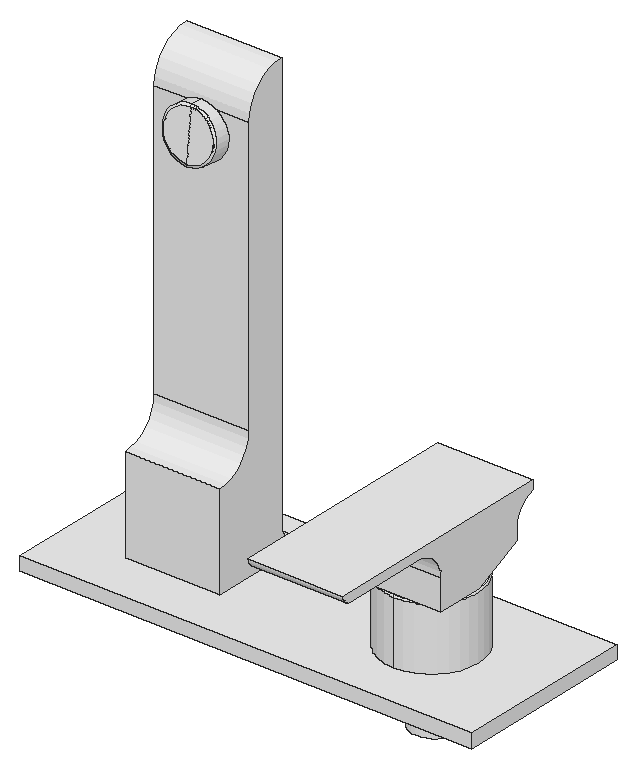
Revit family "Mixer-Basin-Dorf Jovian-Wall2", category Plumbing Fixtures, host Face, Revit 2013
Parameters (values of type "Jovian Wall Basin Mixer")
  Waste Connection = no
  Vent Connection = no
  URL = "http://dorf.com.au/product-ranges/mixer-taps/jovian/jovian-wall-basin-mixer"
  Type Comments = "WELS 5 Star rated, 6L/min, 35mm adjustable cartridge, silicon aerator, Sure fit® installation"  # constant formula
  ModifiedIssue_ANZRS = 2013.2  # constant formula
  Model = "2127.045A"  # constant formula
  Material_ANZRS = Metal-Chrome-Caroma
  Manufacturer = "GWA Bathrooms & Kitchens"  # constant formula
  HWFU = 1.58  # constant formula
  HW Connection = yes
  Description = "Dorf Jovian Wall Basin Mixer"  # constant formula
  Default Elevation = 900 mm
  CreatedBy_ANZRS = "Design Content"  # constant formula
  CreatedByURL_ANZRS = "www.designcontent.com.au"
  Cost = 440.27
  Connector Radius = 10 mm
  CWFU = 1.58  # constant formula
  CW Connection = yes
  Assembly Code = "C1030210"
Reference planes
  plane 1 "Center (Front/Back)": y = 0
  plane 2: z = 0
  plane 3 "Center (Left/Right)": x = 0
  plane 4: x = -50
  plane 5 "Left": x = -100
  plane 6 "Right": x = 100
  plane 7: x = 50
  plane 8 "Bottom": y = -40
  plane 9 "Top": y = 40
Forms (mm)
  Extrusion 1, solid, material "Metal-Chrome-Caroma" <- "Material_ANZRS"
    sketch origin (0, 0, 0) x (0, 1, 0) y (0, 0, 1)
      loop
        line (40, 0) -> (40, 6) -> (-40, 6) -> (-40, 0) -> (40, 0)
    from -100 to 100
  Extrusion 2, solid, material "Metal-Chrome-Caroma" <- "Material_ANZRS"
    sketch origin (0, 0, 0) x (0, 1, 0) y (0, 0, 1)
      loop
        arc (16, 204) -> (3.271, 198.728) -> (-2.001, 185.999) r 18.001
        line (-2.001, 185.999) -> (-2.001, 63.999)
        arc (-2.001, 63.999) -> (-6.687, 52.686) -> (-18, 48) r 15.999
        line (-18, 48) -> (-18, 6) -> (26, 6) -> (26, 9)
        arc (26, 9) -> (18.929, 11.929) -> (16, 19) r 10
        line (16, 19) -> (16, 204)
    from -71 to -29
  Extrusion 3, solid, material "Metal-Chrome-Caroma" <- "Material_ANZRS"
    sketch origin (0, 0, 0) x (0, 1, 0) y (0, 0, 1)
      loop
        line (-21, 35.4) -> (0, 35.4) -> (21.007, 45.196) -> (21.007, 50.196)
        arc (21.007, 50.196) -> (23.533, 57.379) -> (30, 61.4) r 11.476
        line (30, 61.4) -> (30, 65.4) -> (-75, 65.4)
        arc (-75, 65.4) -> (-73.828, 62.572) -> (-71, 61.4) r 4
        line (-71, 61.4) -> (-33.215, 61.4)
        arc (-33.215, 61.4) -> (-24.578, 57.822) -> (-21, 49.185) r 12.215
        line (-21, 49.185) -> (-21, 35.4)
    from 29 to 71
  Revolve 4, solid, material "Metal-Chrome-Caroma" <- "Material_ANZRS"
    sketch origin (50, 30, 1219.2) x (0, 1, 0) y (0, 0, 1)
      loop
        line (-30, -1213.2) -> (-9.083, -1213.2) -> (-9.083, -1185.275)
        arc (-9.083, -1185.275) -> (-9.252, -1184.868) -> (-9.658, -1184.7) r 0.575
        line (-9.658, -1184.7) -> (-11.58, -1184.7)
        arc (-11.58, -1184.7) -> (-17.316, -1171.883) -> (-30, -1165.856) r 20.299
        line (-30, -1165.856) -> (-30, -1213.2)
      axis (-30, -1165.856) -> (-30, -1213.2)
    angle from 0 to 360
  Revolve 5, solid, material "Metal-Chrome-Caroma" <- "Material_ANZRS"
    sketch origin (-50, -22.904, 1219.2) x (0, 1, 0) y (0, 0, 1)
      loop
        line (12.919, -1054.423) -> (21.79, -1055.356) -> (23.044, -1043.425) -> (13.599, -1042.432) -> (12.449, -1053.368) -> (12.919, -1054.423)
      axis (13.599, -1042.432) -> (23.044, -1043.425)
    angle from 0 to 360
  Extrusion 6, solid, material "Metal-Chrome-Caroma" <- "Material_ANZRS"
    sketch origin (64.1, 0, 0) x (1, 0, 0) y (0, 1, 0)
      loop
        circle (-7.071, -7.071) r 10
    from -20 to 0
  Extrusion 7, solid, material "Metal-Chrome-Caroma" <- "Material_ANZRS"
    sketch origin (35.9, 0, 0) x (-1, 0, 0) y (0, -1, 0)
      loop
        circle (-7.071, -7.071) r 10
    from -20 to 0
Cuts and joins
  joined: Extrusion 2, Revolve 5
  joined: Extrusion 3, Revolve 4
Lines and regions (mm)
  Masking region 1
    outline origin (0, 0, 0) x (0, 1, 0) y (0, 0, 1)
      loop
        line (-1.884, 188.05) -> (-7.477, 188.638) -> (-8.155, 187.704) -> (-10.454, 165.832) -> (-9.985, 164.777) -> (-2.001, 163.926) -> (-2.001, 65.4) -> (-75, 65.4)
        arc (-75, 65.4) -> (-73.828, 62.572) -> (-71, 61.4) r 4
        line (-71, 61.4) -> (-33.215, 61.4)
        arc (-33.215, 61.4) -> (-24.578, 57.822) -> (-21, 49.185) r 12.215
        line (-21, 49.185) -> (-21, 35.4) -> (-18.342, 35.4)
        arc (-18.342, 35.4) -> (-18.398, 34.951) -> (-18.445, 34.5) r 23.07
        line (-18.445, 34.5) -> (-20.277, 34.5)
        arc (-20.277, 34.5) -> (-20.73, 34.313) -> (-20.917, 33.861) r 0.639
        line (-20.917, 33.861) -> (-20.917, 6) -> (-40, 6) -> (-40, 0) -> (40, 0) -> (40, 6) -> (26, 6) -> (26, 9)
        arc (26, 9) -> (23.365, 9.353) -> (20.917, 10.388) r 10
        line (20.917, 10.388) -> (20.917, 33.861)
        arc (20.917, 33.861) -> (20.73, 34.313) -> (20.277, 34.5) r 0.639
        line (20.277, 34.5) -> (18.445, 34.5)
        arc (18.445, 34.5) -> (17.621, 38.797) -> (16, 42.861) r 23.07
        line (16, 42.861) -> (21.007, 45.196) -> (21.007, 50.196)
        arc (21.007, 50.196) -> (23.533, 57.379) -> (30, 61.4) r 11.476
        line (30, 61.4) -> (30, 65.4) -> (16, 65.4) -> (16, 204)
        arc (16, 204) -> (4.019, 199.433) -> (-1.884, 188.05) r 18.001
  Masking region 2
    outline origin (0, 0, 0) x (1, 0, 0) y (0, 0, 1)
      loop
        line (100, 6) -> (71, 6) -> (71, 33.947)
        arc (71, 33.947) -> (70.838, 34.338) -> (70.447, 34.5) r 0.553
        line (70.447, 34.5) -> (68.42, 34.5) -> (68.339, 35.4) -> (71, 35.4) -> (71, 65.4) -> (29, 65.4) -> (29, 35.4) -> (31.661, 35.4) -> (31.58, 34.5) -> (29.553, 34.5)
        arc (29.553, 34.5) -> (29.162, 34.338) -> (29, 33.947) r 0.553
        line (29, 33.947) -> (29, 6) -> (-29, 6) -> (-29, 204) -> (-71, 204) -> (-71, 6) -> (-100, 6) -> (-100, 0) -> (100, 0) -> (100, 6)
  Masking region 3
    outline origin (0, 0, 0) x (1, 0, 0) y (0, 1, 0)
      loop
        line (-100, 40) -> (-100, -40) -> (29, -40) -> (29, -75) -> (71, -75) -> (71, -40) -> (100, -40) -> (100, 40) -> (-100, 40)
  symbolic lines
    curve 1: line (0, 16, 19) -> (0, 16, 204)
    curve 2: arc (0, 26, 9) -> (0, 18.929, 11.929) -> (0, 16, 19) r 10
    curve 3: arc (0, -2.001, 63.999) -> (0, -6.687, 52.686) -> (0, -18, 48) r 15.999
    curve 4: line (0, -2.001, 185.999) -> (0, -2.001, 63.999)
    curve 5: arc (0, 16, 204) -> (0, 3.271, 198.728) -> (0, -2.001, 185.999) r 18.001
    curve 6: line (0, -7.477, 188.638) -> (0, -9.985, 164.777)
    curve 7: line (0, -21, 35.4) -> (0, -18, 35.4)
    curve 8: line (0, 20.342, 34.5) -> (0, 16, 34.5)
    curve 9: line (0, 40, 6) -> (0, -40, 6)
    curve 10: line (0, -18, 48) -> (0, -18, 6)
    curve 11: line (0, -18, 34.5) -> (0, -20.342, 34.5)
    curve 12: arc (0, -18.42, 34.5) -> (0, -18.388, 34.963) -> (0, -18.337, 35.423) r 11.786
    curve 13: line (70.342, 0, 34.5) -> (31.58, 0, 34.5)
    curve 14: line (68.339, 0, 35.4) -> (68.42, 0, 34.5)
    curve 15: line (31.661, 0, 35.4) -> (31.58, 0, 34.5)
    curve 16: spline (50, 0, 42.857) -> (52.333, 0, 42.79) -> (54.627, 0, 42.598) -> (56.845, 0, 42.285) -> (58.952, 0, 41.856) -> (60.913, 0, 41.318) -> (62.697, 0, 40.679) -> (64.275, 0, 39.95) -> (65.623, 0, 39.142) -> (66.718, 0, 38.269) -> (67.542, 0, 37.344) -> (68.083, 0, 36.383) -> (68.332, 0, 35.4)
    curve 17: spline (31.668, 0, 35.4) -> (31.917, 0, 36.383) -> (32.458, 0, 37.344) -> (33.282, 0, 38.269) -> (34.377, 0, 39.142) -> (35.725, 0, 39.95) -> (37.303, 0, 40.679) -> (39.087, 0, 41.318) -> (41.049, 0, 41.856) -> (43.155, 0, 42.285) -> (45.373, 0, 42.598) -> (47.667, 0, 42.79) -> (50, 0, 42.857)
    curve 18: line (29, 0, 45.196) -> (71, 0, 45.196)
    curve 19: line (29, 0, 61.4) -> (71, 0, 61.4)
    curve 20: line (100, 0, 6) -> (-100, 0, 6)
    curve 21: line (-71, 0, 9) -> (-29, 0, 9)
    curve 22: line (-71, 26, 0) -> (-71, -18, 0)
    curve 23: line (-71, -18, 0) -> (-29, -18, 0)
    curve 24: line (-29, 26, 0) -> (-71, 26, 0)
    curve 25: line (-29, -18, 0) -> (-29, 26, 0)
    curve 26: line (-29, 16, 0) -> (-71, 16, 0)
    curve 27: spline (-43.29, -2.001, 0) -> (-43.79, -1.995, 0) -> (-44.305, -1.988, 0) -> (-44.834, -1.98, 0) -> (-45.375, -1.972, 0) -> (-45.928, -1.963, 0) -> (-46.491, -1.953, 0) -> (-47.063, -1.943, 0) -> (-47.642, -1.932, 0) -> (-48.226, -1.921, 0) -> (-48.815, -1.909, 0) -> (-49.407, -1.897, 0) -> (-50, -1.884, 0)
    curve 28: spline (-56.71, -2.001, 0) -> (-56.21, -1.995, 0) -> (-55.695, -1.988, 0) -> (-55.166, -1.98, 0) -> (-54.625, -1.972, 0) -> (-54.072, -1.963, 0) -> (-53.509, -1.953, 0) -> (-52.937, -1.943, 0) -> (-52.358, -1.932, 0) -> (-51.774, -1.921, 0) -> (-51.185, -1.909, 0) -> (-50.593, -1.897, 0) -> (-50, -1.884, 0)
    curve 29: line (-71, -2.001, 0) -> (-56.71, -2.001, 0)
    curve 30: line (-29, -2.001, 0) -> (-43.29, -2.001, 0)
    curve 31: spline (-50, -10.454, 0) -> (-52.846, -10.415, 0) -> (-55.498, -10.3, 0) -> (-57.776, -10.118, 0) -> (-59.523, -9.879, 0) -> (-60.622, -9.602, 0) -> (-60.997, -9.305, 0) -> (-60.622, -9.007, 0) -> (-59.523, -8.73, 0) -> (-57.776, -8.492, 0) -> (-55.498, -8.309, 0) -> (-52.846, -8.194, 0) -> (-50, -8.155, 0)
    curve 32: spline (-50, -8.155, 0) -> (-47.154, -8.194, 0) -> (-44.502, -8.309, 0) -> (-42.224, -8.492, 0) -> (-40.477, -8.73, 0) -> (-39.378, -9.007, 0) -> (-39.003, -9.305, 0) -> (-39.378, -9.602, 0) -> (-40.477, -9.879, 0) -> (-42.224, -10.118, 0) -> (-44.502, -10.3, 0) -> (-47.154, -10.415, 0) -> (-50, -10.454, 0)
    curve 33: spline (-50, -7.477, 0) -> (-51.566, -7.487, 0) -> (-53.105, -7.519, 0) -> (-54.591, -7.572, 0) -> (-55.998, -7.645, 0) -> (-57.303, -7.736, 0) -> (-58.483, -7.844, 0) -> (-59.518, -7.967, 0) -> (-60.389, -8.104, 0) -> (-61.083, -8.251, 0) -> (-61.588, -8.406, 0) -> (-61.894, -8.567, 0) -> (-61.997, -8.731, 0)
    curve 34: spline (-38.003, -8.731, 0) -> (-38.106, -8.567, 0) -> (-38.412, -8.406, 0) -> (-38.917, -8.251, 0) -> (-39.611, -8.104, 0) -> (-40.482, -7.967, 0) -> (-41.517, -7.844, 0) -> (-42.697, -7.736, 0) -> (-44.002, -7.645, 0) -> (-45.409, -7.572, 0) -> (-46.895, -7.519, 0) -> (-48.434, -7.487, 0) -> (-50, -7.477, 0)
    curve 35: line (-61.997, -8.731, 0) -> (-60.913, -9.434, 0)
    curve 36: line (-38.003, -8.731, 0) -> (-39.083, -9.432, 0)
    curve 37: line (-38.003, -8.731, 0) -> (-38.003, -2.001, 0)
    curve 38: line (-61.997, -8.731, 0) -> (-61.997, -2.001, 0)
    curve 39: line (29, 30, 0) -> (29, -75, 0)
    curve 40: line (71, 30, 0) -> (29, 30, 0)
    curve 41: line (71, -75, 0) -> (71, 30, 0)
Dimensions and locks
  aligned and locked: plane 2 to host face
  aligned and locked: level to host face
Connectors
  piping at (57.029, -7.071, -20), driven by "Connector Radius", driven by "CWFU"
    settings: on Extrusion 6, index 3, connector radius 0.3937", flow factor 0, pipe flow 0 GPM, pressure drop 0.00 psi, fitting loss kfactor 0, connector angle 0.00°, fixture units 1.58, engagement length 0 mm, flow configuration 3, flow direction 1, fitting loss method 1, system type 20, joint type 0, gender type 0, connector reference index -1, connector utility 0, adjustable connector no, is connector primary yes, fitting loss table "Outlet", connector description "Cold Inlet"
  piping at (42.971, 7.071, -20), driven by "Connector Radius", driven by "HWFU"
    settings: on Extrusion 7, index 4, connector radius 0.3937", flow factor 0, pipe flow 0 GPM, pressure drop 0.00 psi, fitting loss kfactor 0, connector angle 0.00°, fixture units 1.58, engagement length 0 mm, flow configuration 3, flow direction 1, fitting loss method 1, system type 19, joint type 0, gender type 0, connector reference index -1, connector utility 0, adjustable connector no, is connector primary no, fitting loss table "Outlet", connector description "Hot Inlet"
